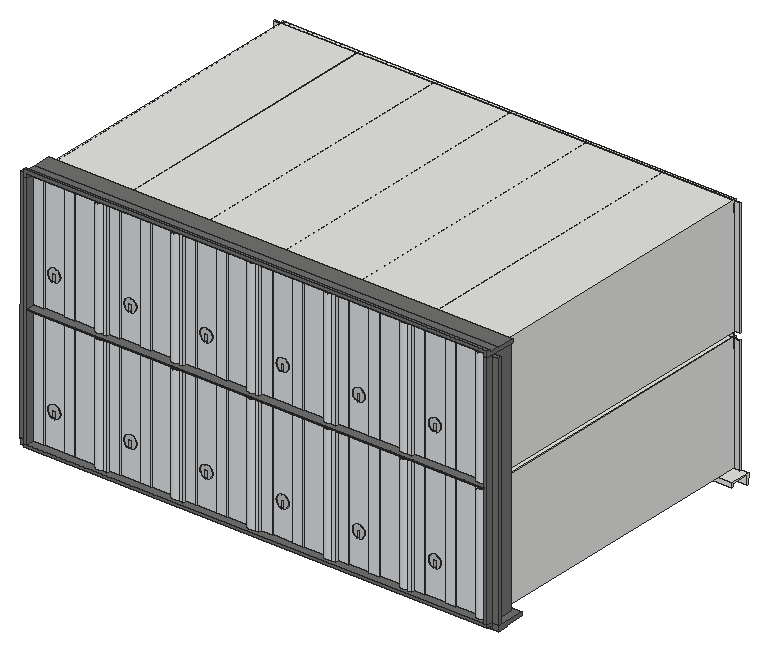
Revit family "2200_Series_Aluminum_Mailboxes_Rack_Ladder_Units", category Specialty Equipment, Revit 2016 (continued)
Nested families (in)
  nested 14: "Rack Ladder None" at (3.628, -7.25025, 0.28125), type <- "Door Location D16", type "No Door"
  nested 15: "Rack Ladder None" at (-7.46675, -7.25025, 6.219), type <- "Door Location D13", type "No Door"
  nested 16: "Rack Ladder None" at (3.628, -7.25025, 6.219), type <- "Door Location D14", type "No Door"
  nested 17: "Rack Ladder None" at (-1.7605, -7.25025, 0.28125), type <- "Door Location D17", type "No Door"
  nested 18: "Rack Ladder Latch Lock" at (5.93775, 7.77746, 0.59116), visible <- "Rear Door", type "Lock Latch"
  nested 19: "Rack Ladder Latch Lock" at (-6.0935, 7.77746, 0.59116), visible <- "Rear Door", type "Lock Latch"
Definition of nested family "Rack Ladder #1 Door"
  Parameters (values of type "#1 Door")
    Width = 3.522"
    Type Comments = "For Aluminum Mailboxes"
    Model = "#1 Door"
    Manufacturer = "Salsbury Industries"
    Lock Offset - Vertical = 1.5625"
    Lock Material = none
    Height = 5.625"
    Front Panel Material = none
    Depth = 0.313"
  Reference planes (in)
    plane 1 "Center (Front/Back)": y = 0
    plane 2 "Bottom of Door": z = 0
    plane 3 "Center (Left/Right)": x = 0
    plane 4 "Left Side of Door": x = -1.761
    plane 5 "Right Side of Door": x = 1.761
    plane 6 "Front of Door": y = -0.1565
    plane 7 "Back of Door": y = 0.1565
    plane 8 "Vertical Center": z = 2.8125
    plane 9 "Top of Door": z = 5.625
    plane 10 "Hinge Line": x = 1.261
    plane 11 "Vertical Lock Center": x = -0.761
    plane 12: z = 1.5625
    plane 13: x = 0.261
    plane 14: x = -0.239
    plane 15: x = -1.239
    plane 16: x = -1.739
    plane 17: x = -2.739
    plane 18: x = -3.208
    plane 19: x = -4.208
    plane 20: x = -4.708
    plane 21: x = -5.708
    plane 22: x = -6.208
    plane 23: x = -7.177
    plane 24: x = -7.677
    plane 25: x = -8.677
    plane 26 "Front of Hinge": y = -0.344
    plane 27 "Door Face Inset Guide": y = -0.12525
    plane 28: z = 4.875
  Forms (in)
    Extrusion 1, solid, material <- "Front Panel Material"
      sketch origin (0, 0, 0) x (1, 0, 0) y (0, 1, 0)
        loop
          line (1.761, 0.1565) -> (-1.761, 0.1565) -> (-1.761, -0.1565) -> (1.261, -0.1565)
          arc (1.261, -0.1565) -> (1.511, -0.34407) -> (1.761, -0.1565) r 0.26039
          line (1.761, -0.1565) -> (1.761, 0.1565)
      from 0 to 5.625
    Extrusion 2, void
      sketch origin (0, -0.344, 0) x (1, 0, 0) y (0, 0, 1)
        loop
          line (0.261, 5.625) -> (0.261, 0) -> (1.261, 0) -> (1.261, 5.625) -> (0.261, 5.625)
        loop
          line (-1.239, 5.625) -> (-1.239, 0) -> (-0.239, 0) -> (-0.239, 5.625) -> (-1.239, 5.625)
        loop
          line (-2.739, 5.625) -> (-2.739, 0) -> (-1.761, 0) -> (-1.761, 5.625) -> (-2.739, 5.625)
        loop
          line (-4.208, 5.625) -> (-4.208, 0) -> (-3.208, 0) -> (-3.208, 5.625) -> (-4.208, 5.625)
        loop
          line (-5.708, 5.625) -> (-5.708, 0) -> (-4.708, 0) -> (-4.708, 5.625) -> (-5.708, 5.625)
        loop
          line (-7.177, 5.625) -> (-7.177, 0) -> (-6.208, 0) -> (-6.208, 5.625) -> (-7.177, 5.625)
        loop
          line (-8.677, 5.625) -> (-8.677, 0) -> (-7.677, 0) -> (-7.677, 5.625) -> (-8.677, 5.625)
      from 0 to -0.21875
    Extrusion 3, void
      sketch origin (0, 0, -1.219) x (1, 0, 0) y (0, 0, 1)
        loop
          circle (-0.761, 2.8125) r 0.3125
      from 0.12525 to -0.1565
    Extrusion 4, solid, material <- "Lock Material"
      sketch origin (0, 0.1565, -1.219) x (1, 0, 0) y (0, 0, 1)
        loop
          circle (-0.761, 2.8125) r 0.3
      from 0 to 0.28175
    Extrusion 5, void
      sketch origin (0, -0.1565, -1.219) x (1, 0, 0) y (0, 0, 1)
        loop
          line (-0.8235, 2.85778) -> (-0.8235, 2.51103) -> (-0.6985, 2.51103) -> (-0.6985, 2.85778) -> (-0.8235, 2.85778)
      from -0.1565 to 0
  Cuts and joins
    Extrusion 2, Extrusion 3 cuts Extrusion 1
    Extrusion 5 cuts Extrusion 4
  Lines and regions (in)
    symbolic lines
      curve 1: line (-1.761, -0.1565, 5.625) -> (1.761, -0.1565, 5.625)
      curve 2: line (-1.761, -0.1565, 0) -> (-1.761, -0.1565, 5.625)
      curve 3: line (1.761, -0.1565, 0) -> (-1.761, -0.1565, 0)
      curve 4: line (1.761, -0.1565, 5.625) -> (1.761, -0.1565, 0)
      curve 5: circle (-0.761, -0.1565, 1.59297) r 0.31256 normal (0, -1, 0)
      curve 6: line (1.261, -0.1565, 5.625) -> (1.261, -0.1565, 0)
  Dimensions and locks (in)
    equal spacing: plane 9 "Top of Door", plane 8 "Vertical Center", plane 2 "Bottom of Door"
    equal spacing: plane 4 "Left Side of Door", plane 3 "Center (Left/Right)", plane 5 "Right Side of Door"
    equal spacing: plane 6 "Front of Door", plane 1 "Center (Front/Back)", plane 7 "Back of Door"
    "Height": plane 9 "Top of Door" to plane 2 "Bottom of Door"
    "Width": plane 4 "Left Side of Door" to plane 5 "Right Side of Door"
    "Depth": plane 6 "Front of Door" to plane 7 "Back of Door"
    plane 10 "Hinge Line" to plane 5 "Right Side of Door" = 0.500"
    "Lock Offset - Vertical": plane 12 to plane 2 "Bottom of Door"
    plane 4 "Left Side of Door" to plane 11 "Vertical Lock Center" = 1.000"
    plane 25 to plane 24 to plane 23 to plane 22 to plane 21 to plane 20 to plane 19 to plane 18 to plane 17 to plane 16 to plane 15 to plane 14 to plane 13 to plane 10 "Hinge Line" = 1.000" locked, 0.500" locked, 0.969" locked, 0.500" locked, 1.000" locked, 0.500" locked, 1.000" locked, 0.469" locked, 1.000" locked, 0.500" locked, 1.000" locked, 0.500" locked, 1.000" locked
    plane 26 "Front of Hinge" to plane 6 "Front of Door" = 0.1875"
    plane 6 "Front of Door" to plane 27 "Door Face Inset Guide" = 0.03125"
    plane 9 "Top of Door" to plane 28 = 0.750"
    aligned and locked: level to plane 2 "Bottom of Door"
    aligned and locked: cut or joined group of Extrusion 1, Extrusion 2, Extrusion 3 to plane 2 "Bottom of Door"
    aligned and locked: cut or joined group of Extrusion 1, Extrusion 2, Extrusion 3 to plane 9 "Top of Door"
    aligned and locked: plane 9 "Top of Door" to Extrusion 2 sketch curve  (x7)
    aligned and locked: plane 2 "Bottom of Door" to curve 3
    aligned and locked: plane 5 "Right Side of Door" to curve 4
    aligned and locked: plane 9 "Top of Door" to curve 1
    aligned and locked: curve 2 to plane 4 "Left Side of Door"
    aligned and locked: plane 9 "Top of Door" to curve 6
    aligned and locked: plane 2 "Bottom of Door" to curve 6
    aligned and locked: plane 10 "Hinge Line" to curve 6
  Automatic sketch dimensions
    Extrusion 1 sketch curve to plane 4 "Left Side of Door" = 0.000"
    plane 6 "Front of Door" to Extrusion 1 sketch curve = 0.000"  (x2)
    Extrusion 1 sketch curve to plane 10 "Hinge Line" = 0.000"
    Extrusion 1 sketch curve to plane 5 "Right Side of Door" = 0.000"
    plane 7 "Back of Door" to Extrusion 1 sketch curve = 0.000"
    Extrusion 1 sketch curve to plane 27 "Door Face Inset Guide" = 0.04158"
    Extrusion 2 sketch curve to level = 0.000"  (x7)
    plane 25 to Extrusion 2 sketch curve = 0.000"
    plane 24 to Extrusion 2 sketch curve = 0.000"
    plane 23 to Extrusion 2 sketch curve = 0.000"
    plane 22 to Extrusion 2 sketch curve = 0.000"
    plane 21 to Extrusion 2 sketch curve = 0.000"
    plane 20 to Extrusion 2 sketch curve = 0.000"
    plane 19 to Extrusion 2 sketch curve = 0.000"
    plane 18 to Extrusion 2 sketch curve = 0.000"
    plane 17 to Extrusion 2 sketch curve = 0.000"
    plane 16 to Extrusion 2 sketch curve = 0.022"
    plane 15 to Extrusion 2 sketch curve = 0.000"
    plane 14 to Extrusion 2 sketch curve = 0.000"
    plane 13 to Extrusion 2 sketch curve = 0.000"
    plane 10 "Hinge Line" to Extrusion 2 sketch curve = 0.000"
    plane 8 "Vertical Center" to Extrusion 3 sketch curve = 1.219"
    plane 11 "Vertical Lock Center" to Extrusion 3 sketch curve = 0.000"
    plane 8 "Vertical Center" to Extrusion 4 sketch curve = 1.219"
    plane 11 "Vertical Lock Center" to Extrusion 4 sketch curve = 0.000"
    plane 11 "Vertical Lock Center" to Extrusion 5 sketch curve = 0.0625"
    Extrusion 5 sketch curve to plane 11 "Vertical Lock Center" = 0.0625"
    plane 8 "Vertical Center" to Extrusion 5 sketch curve = 1.52047"
    plane 8 "Vertical Center" to Extrusion 5 sketch curve = 1.17372"
    plane 11 "Vertical Lock Center" to curve 5 = 0.000"
    curve 5 to plane 12 = 0.03047"
    radius of Extrusion 3 sketch curve = 0.3125"
    radius of Extrusion 4 sketch curve = 0.300"
    radius of curve 5 = 0.31256"
Definition of nested family "Rack Ladder None"
  Parameters (values of type "No Door")
    Width = 3.522"
    Visible = no
    Type Comments = "For Aluminum Mailboxes"
    Model = "#1 Door"
    Manufacturer = "Salsbury Industries"
    Lock Offset - Vertical = 1.5625"
    Lock Material = none
    Height = 5.625"
    Front Panel Material = none
    Door Numbers = no
    Door Number [instance] = "1"
    Depth = 0.313"
  Reference planes (in)
    plane 1 "Center (Front/Back)": y = 0
    plane 2 "Bottom of Door": z = 0
    plane 3 "Center (Left/Right)": x = 0
    plane 4 "Left Side of Door": x = -1.761
    plane 5 "Right Side of Door": x = 1.761
    plane 6 "Front of Door": y = -0.1565
    plane 7 "Back of Door": y = 0.1565
    plane 8 "Vertical Center": z = 2.8125
    plane 9 "Top of Door": z = 5.625
    plane 10 "Hinge Line": x = 1.261
    plane 11 "Vertical Lock Center": x = -0.761
    plane 12: z = 1.5625
    plane 13: x = 0.261
    plane 14: x = -0.239
    plane 15: x = -1.239
    plane 16: x = -1.739
    plane 17: x = -2.739
    plane 18: x = -3.208
    plane 19: x = -4.208
    plane 20: x = -4.708
    plane 21: x = -5.708
    plane 22: x = -6.208
    plane 23: x = -7.177
    plane 24: x = -7.677
    plane 25: x = -8.677
    plane 26 "Front of Hinge": y = -0.344
    plane 27 "Door Face Inset Guide": y = -0.12525
    plane 28: z = 4.875
  Forms (in)
    Extrusion 1, solid, material <- "Front Panel Material", visible <- "Visible"
      sketch origin (0, 0, 0) x (1, 0, 0) y (0, 1, 0)
        loop
          line (1.761, 0.1565) -> (-1.761, 0.1565) -> (-1.761, -0.1565) -> (1.261, -0.1565)
          arc (1.261, -0.1565) -> (1.511, -0.34407) -> (1.761, -0.1565) r 0.26039
          line (1.761, -0.1565) -> (1.761, 0.1565)
      from 0 to 5.625
    Extrusion 2, void
      sketch origin (0, -0.344, 0) x (1, 0, 0) y (0, 0, 1)
        loop
          line (0.261, 5.625) -> (0.261, 0) -> (1.261, 0) -> (1.261, 5.625) -> (0.261, 5.625)
        loop
          line (-1.239, 5.625) -> (-1.239, 0) -> (-0.239, 0) -> (-0.239, 5.625) -> (-1.239, 5.625)
        loop
          line (-2.739, 5.625) -> (-2.739, 0) -> (-1.761, 0) -> (-1.761, 5.625) -> (-2.739, 5.625)
        loop
          line (-4.208, 5.625) -> (-4.208, 0) -> (-3.208, 0) -> (-3.208, 5.625) -> (-4.208, 5.625)
        loop
          line (-5.708, 5.625) -> (-5.708, 0) -> (-4.708, 0) -> (-4.708, 5.625) -> (-5.708, 5.625)
        loop
          line (-7.177, 5.625) -> (-7.177, 0) -> (-6.208, 0) -> (-6.208, 5.625) -> (-7.177, 5.625)
        loop
          line (-8.677, 5.625) -> (-8.677, 0) -> (-7.677, 0) -> (-7.677, 5.625) -> (-8.677, 5.625)
      from 0 to -0.21875
    Extrusion 3, void
      sketch origin (0, 0, -1.219) x (1, 0, 0) y (0, 0, 1)
        loop
          circle (-0.761, 2.8125) r 0.3125
      from 0.12525 to -0.1565
    Extrusion 4, solid, material <- "Lock Material", visible <- "Visible"
      sketch origin (0, 0.1565, -1.219) x (1, 0, 0) y (0, 0, 1)
        loop
          circle (-0.761, 2.8125) r 0.3
      from 0 to 0.28175
    Extrusion 5, void
      sketch origin (0, -0.1565, -1.219) x (1, 0, 0) y (0, 0, 1)
        loop
          line (-0.8235, 2.85778) -> (-0.8235, 2.51103) -> (-0.6985, 2.51103) -> (-0.6985, 2.85778) -> (-0.8235, 2.85778)
      from -0.1565 to 0
  Cuts and joins
    Extrusion 2, Extrusion 3 cuts Extrusion 1
    Extrusion 5 cuts Extrusion 4
  Dimensions and locks (in)
    equal spacing: plane 9 "Top of Door", plane 8 "Vertical Center", plane 2 "Bottom of Door"
    equal spacing: plane 4 "Left Side of Door", plane 3 "Center (Left/Right)", plane 5 "Right Side of Door"
    equal spacing: plane 6 "Front of Door", plane 1 "Center (Front/Back)", plane 7 "Back of Door"
    "Height": plane 9 "Top of Door" to plane 2 "Bottom of Door"
    "Width": plane 4 "Left Side of Door" to plane 5 "Right Side of Door"
    "Depth": plane 6 "Front of Door" to plane 7 "Back of Door"
    plane 10 "Hinge Line" to plane 5 "Right Side of Door" = 0.500"
    "Lock Offset - Vertical": plane 12 to plane 2 "Bottom of Door"
    plane 4 "Left Side of Door" to plane 11 "Vertical Lock Center" = 1.000"
    plane 25 to plane 24 to plane 23 to plane 22 to plane 21 to plane 20 to plane 19 to plane 18 to plane 17 to plane 16 to plane 15 to plane 14 to plane 13 to plane 10 "Hinge Line" = 1.000" locked, 0.500" locked, 0.969" locked, 0.500" locked, 1.000" locked, 0.500" locked, 1.000" locked, 0.469" locked, 1.000" locked, 0.500" locked, 1.000" locked, 0.500" locked, 1.000" locked
    plane 26 "Front of Hinge" to plane 6 "Front of Door" = 0.1875"
    plane 6 "Front of Door" to plane 27 "Door Face Inset Guide" = 0.03125"
    plane 9 "Top of Door" to plane 28 = 0.750"
    aligned and locked: level to plane 2 "Bottom of Door"
    aligned and locked: cut or joined group of Extrusion 1, Extrusion 2, Extrusion 3 to plane 2 "Bottom of Door"
    aligned and locked: cut or joined group of Extrusion 1, Extrusion 2, Extrusion 3 to plane 9 "Top of Door"
    aligned and locked: plane 9 "Top of Door" to Extrusion 2 sketch curve  (x7)
  Automatic sketch dimensions
    Extrusion 1 sketch curve to plane 4 "Left Side of Door" = 0.000"
    plane 6 "Front of Door" to Extrusion 1 sketch curve = 0.000"  (x2)
    Extrusion 1 sketch curve to plane 10 "Hinge Line" = 0.000"
    Extrusion 1 sketch curve to plane 5 "Right Side of Door" = 0.000"
    plane 7 "Back of Door" to Extrusion 1 sketch curve = 0.000"
    Extrusion 1 sketch curve to plane 27 "Door Face Inset Guide" = 0.04158"
    Extrusion 2 sketch curve to level = 0.000"  (x7)
    plane 25 to Extrusion 2 sketch curve = 0.000"
    plane 24 to Extrusion 2 sketch curve = 0.000"
    plane 23 to Extrusion 2 sketch curve = 0.000"
    plane 22 to Extrusion 2 sketch curve = 0.000"
    plane 21 to Extrusion 2 sketch curve = 0.000"
    plane 20 to Extrusion 2 sketch curve = 0.000"
    plane 19 to Extrusion 2 sketch curve = 0.000"
    plane 18 to Extrusion 2 sketch curve = 0.000"
    plane 17 to Extrusion 2 sketch curve = 0.000"
    plane 16 to Extrusion 2 sketch curve = 0.022"
    plane 15 to Extrusion 2 sketch curve = 0.000"
    plane 14 to Extrusion 2 sketch curve = 0.000"
    plane 13 to Extrusion 2 sketch curve = 0.000"
    plane 10 "Hinge Line" to Extrusion 2 sketch curve = 0.000"
    plane 8 "Vertical Center" to Extrusion 3 sketch curve = 1.219"
    plane 11 "Vertical Lock Center" to Extrusion 3 sketch curve = 0.000"
    plane 8 "Vertical Center" to Extrusion 4 sketch curve = 1.219"
    plane 11 "Vertical Lock Center" to Extrusion 4 sketch curve = 0.000"
    plane 11 "Vertical Lock Center" to Extrusion 5 sketch curve = 0.0625"
    Extrusion 5 sketch curve to plane 11 "Vertical Lock Center" = 0.0625"
    plane 8 "Vertical Center" to Extrusion 5 sketch curve = 1.52047"
    plane 8 "Vertical Center" to Extrusion 5 sketch curve = 1.17372"
    radius of Extrusion 3 sketch curve = 0.3125"
    radius of Extrusion 4 sketch curve = 0.300"
Definition of nested family "Rack Ladder Latch Lock"
  Parameters (values of type "Lock Latch")
    Width = 1.866"
    Type Comments = "Lock Latch for Aluminum Mailboxes"
    Rear Door = yes
    Manufacturer = "Salsbury Industries"
    Height = 1.750"
    Depth = 0.244"
    Back Enclosure Material = none
  Reference planes (in)
    plane 1 "Center (Front/Back)": y = 0
    plane 2 "bottom": z = 0
    plane 3 "Center (Left/Right)": x = 0
    plane 4 "right": x = -0.933
    plane 5 "left": x = 0.933
    plane 6 "Front": y = 0.122
    plane 7 "Back": y = -0.122
    plane 8 "Vertical Center": z = 0.875
    plane 9 "top": z = 1.75
    plane 10: z = -0.279
  Forms (in)
    Extrusion 1, solid, material <- "Back Enclosure Material", visible <- "Rear Door"
      sketch origin (0, 0, 0) x (1, 0, 0) y (0, 1, 0)
        loop
          line (-0.2052, -0.0902) -> (-0.933, -0.0902) -> (-0.933, -0.12209) -> (-0.20518, -0.12209)
          arc (-0.20518, -0.12209) -> (-0.12279, -0.08579) -> (-0.09398, -0.00048) r 0.11165
          arc (-0.09398, -0.00048) -> (0.00012, 0.09362) -> (0.09423, -0.00048) r 0.09411
          arc (0.09423, -0.00048) -> (0.12477, -0.08591) -> (0.208, -0.122) r 0.11401
          line (0.208, -0.122) -> (0.933, -0.122) -> (0.933, -0.08954) -> (0.20816, -0.08954)
          arc (0.20816, -0.08954) -> (0.14702, -0.06294) -> (0.1248, -0.00006) r 0.08357
          arc (0.1248, -0.00006) -> (-0.00014, 0.12487) -> (-0.12507, -0.00006) r 0.12494
          arc (-0.12507, -0.00006) -> (-0.1449, -0.06312) -> (-0.2052, -0.0902) r 0.08069
      from 0 to 1.75
    Extrusion 2, void
      sketch origin (0, 0.122, 0) x (1, 0, 0) y (0, 0, 1)
        loop
          line (-0.16686, 1.46934) -> (-0.16686, 0.23804) -> (0.1534, 0.23804) -> (0.1534, 0.43538) -> (0.08495, 0.43538) -> (0.08495, 1.31462) -> (0.1534, 1.31462) -> (0.1534, 1.46934) -> (-0.16686, 1.46934)
      from -0.01091 to 0.1442
    Blend 3, solid, material <- "Back Enclosure Material", visible <- "Rear Door", detail levels fine
      base sketch origin (0, 0.122, 0) x (1, 0, 0) y (0, 0, 1)
        loop
          circle (-0.5582, 1.36599) r 0.1
      top sketch origin (0, 0.122, 0) x (1, 0, 0) y (0, 0, 1)
        loop
          circle (-0.5582, 1.36599) r 0.25
      from 0.16742 to 0.21154
    Blend 4, solid, material <- "Back Enclosure Material", visible <- "Rear Door", detail levels fine
      base sketch origin (1.11828, 0.122, 0) x (1, 0, 0) y (0, 0, 1)
        loop
          circle (-0.5582, 1.36599) r 0.1
      top sketch origin (1.11828, 0.122, 0) x (1, 0, 0) y (0, 0, 1)
        loop
          circle (-0.5582, 1.36599) r 0.25
      from 0.16742 to 0.21154
    Blend 5, solid, material <- "Back Enclosure Material", visible <- "Rear Door", detail levels fine
      base sketch origin (0, 0.122, -1) x (1, 0, 0) y (0, 0, 1)
        loop
          circle (-0.5582, 1.36599) r 0.1
      top sketch origin (0, 0.122, -1) x (1, 0, 0) y (0, 0, 1)
        loop
          circle (-0.5582, 1.36599) r 0.25
      from 0.16742 to 0.21154
    Blend 6, solid, material <- "Back Enclosure Material", visible <- "Rear Door", detail levels fine
      base sketch origin (1.11828, 0.122, -1) x (1, 0, 0) y (0, 0, 1)
        loop
          circle (-0.5582, 1.36599) r 0.1
      top sketch origin (1.11828, 0.122, -1) x (1, 0, 0) y (0, 0, 1)
        loop
          circle (-0.5582, 1.36599) r 0.25
      from 0.16742 to 0.21154
    Extrusion 7, solid, material <- "Back Enclosure Material", visible <- "Rear Door"
      sketch origin (0.00096, -7.77812, -0.40625) x (1, 0, 0) y (0, 1, 0)
        loop
          circle (-0.00048, 7.77784) r 0.09014
      from 0 to 2
    Extrusion 8, solid, material <- "Back Enclosure Material", visible <- "Rear Door"
      sketch origin (0, -7.78798, 0) x (0, 1, 0) y (0, 0, 1)
        loop
          circle (7.81979, 0.30837) r 0.05
      from 0 to 0.5
    Extrusion 9, solid, material <- "Back Enclosure Material", visible <- "Rear Door"
      sketch origin (0.00176, -0.02845, -0.59125) x (1, 0, 0) y (0, 0, 1)
        loop
          line (1.0609, 0.28125) -> (1.0609, 0.31225) -> (-1.06287, 0.31225) -> (-1.06287, 0.28125) -> (1.0609, 0.28125)
      from -0.25 to 0.625
    Extrusion 10, void
      sketch origin (0.00176, -7.77845, -0.31) x (0, -1, 0) y (1, 0, 0)
        loop
          circle (-7.77776, -0.00113) r 0.09325
      from 0 to 0.031
  Cuts and joins
    Extrusion 2 cuts Extrusion 1
    Extrusion 10 cuts Extrusion 9
  Lines and regions (in)
    symbolic lines
      curve 1: line (0.933, 0.122, 1.75) -> (-0.933, 0.122, 1.75)
      curve 2: line (0.933, 0.122, 0) -> (0.933, 0.122, 1.75)
      curve 3: line (-0.933, 0.122, 0) -> (0.933, 0.122, 0)
      curve 4: line (-0.933, 0.122, 1.75) -> (-0.933, 0.122, 0)
      curve 5: line (0.933, 0.122, -0.279) -> (-0.933, 0.122, -0.279)
      curve 6: line (0.08495, 0.122, 1.75) -> (-0.09416, 0.122, 1.75)
      curve 7: line (0.08495, 0.122, -0.40625) -> (0.08495, 0.122, 1.75)
      curve 8: line (-0.09416, 0.122, -0.40625) -> (0.08495, 0.122, -0.40625)
      curve 9: line (-0.09416, 0.122, 1.75) -> (-0.09416, 0.122, -0.40625)
      curve 10: line (0, -0.122, -0.279) -> (0, 0.122, -0.279)
      curve 11: line (0, -0.122, 1.75) -> (0, 0.122, 1.75)
      curve 12: line (0, -0.122, -0.40625) -> (0, -0.122, 1.75)
      curve 13: line (0, 0.122, -0.40625) -> (0, -0.122, -0.40625)
      curve 14: line (0, 0.122, 1.75) -> (0, 0.122, -0.40625)
      curve 15: line (-0.933, -0.122, 0) -> (-0.933, -0.0902, 0)
      curve 16: line (-0.933, -0.0902, 0) -> (0.933, -0.0902, 0)
      curve 17: line (0.933, -0.0902, 0) -> (0.933, -0.122, 0)
  Dimensions and locks (in)
    equal spacing: plane 7 "Back", plane 1 "Center (Front/Back)", plane 6 "Front"
    "Depth": plane 7 "Back" to plane 6 "Front"
    equal spacing: plane 4 "right", plane 3 "Center (Left/Right)", plane 5 "left"
    "Width": plane 4 "right" to plane 5 "left"
    equal spacing: plane 9 "top", plane 8 "Vertical Center", plane 2 "bottom"
    "Height": plane 9 "top" to plane 2 "bottom"
    plane 10 to level = 0.279"
    aligned and locked: level to plane 2 "bottom"
    aligned and locked: curve 4 to plane 4 "right"
    aligned and locked: plane 9 "top" to curve 1
    aligned and locked: plane 5 "left" to curve 2
    aligned and locked: plane 2 "bottom" to curve 3
    aligned and locked: plane 5 "left" to curve 5
    aligned and locked: plane 4 "right" to curve 5
    aligned and locked: plane 10 to curve 5
    aligned and locked: plane 9 "top" to curve 6
    aligned and locked: plane 7 "Back" to curve 10
    aligned and locked: plane 6 "Front" to curve 10
    aligned and locked: curve 12 to plane 7 "Back"
    aligned and locked: plane 6 "Front" to curve 14
    aligned and locked: plane 9 "top" to curve 11
    aligned and locked: cut or joined group of Extrusion 1, Extrusion 2 to plane 5 "left"
    aligned and locked: plane 4 "right" to cut or joined group of Extrusion 1, Extrusion 2
  Automatic sketch dimensions
    Extrusion 1 sketch curve to plane 4 "right" = 0.000"
    plane 7 "Back" to Extrusion 1 sketch curve = 0.000"
    Extrusion 1 sketch curve to plane 5 "left" = 0.000"
    plane 1 "Center (Front/Back)" to Extrusion 1 sketch curve = 0.00951"
    Extrusion 1 sketch curve to plane 3 "Center (Left/Right)" = 0.2052"
    plane 7 "Back" to Extrusion 1 sketch curve = 0.00009"
    Extrusion 1 sketch curve to Extrusion 1 sketch curve = 0.00002"
    Extrusion 1 sketch curve to plane 3 "Center (Left/Right)" = 0.00014"
    plane 3 "Center (Left/Right)" to Extrusion 1 sketch curve = 0.00012"
    plane 3 "Center (Left/Right)" to Extrusion 1 sketch curve = 0.208"
    Extrusion 1 sketch curve to Extrusion 1 sketch curve = 0.00016"
    Extrusion 1 sketch curve to plane 7 "Back" = 0.0318"
    Extrusion 1 sketch curve to plane 7 "Back" = 0.03246"
    Extrusion 1 sketch curve to Extrusion 1 sketch curve = 0.00094"
    plane 1 "Center (Front/Back)" to Extrusion 1 sketch curve = 0.00799"
    Extrusion 1 sketch curve to Extrusion 1 sketch curve = 0.00201"
    Extrusion 2 sketch curve to plane 3 "Center (Left/Right)" = 0.16686"
    plane 3 "Center (Left/Right)" to Extrusion 2 sketch curve = 0.08495"
    Extrusion 2 sketch curve to Extrusion 2 sketch curve = 0.06845"  (x2)
    level to Extrusion 2 sketch curve = 0.23804"
    Extrusion 2 sketch curve to Extrusion 2 sketch curve = 0.19734"
    plane 9 "top" to Extrusion 2 sketch curve = 0.43538"
    plane 9 "top" to Extrusion 2 sketch curve = 0.28066"
    Blend 3 sketch curve to plane 4 "right" = 0.3748"  (x2)
    plane 9 "top" to Blend 3 sketch curve = 0.38401"  (x2)
    plane 5 "left" to Blend 4 sketch curve = 0.37292"  (x2)
    plane 9 "top" to Blend 4 sketch curve = 0.38401"  (x2)
    Blend 5 sketch curve to plane 4 "right" = 0.3748"  (x2)
    level to Blend 5 sketch curve = 0.36599"  (x2)
    plane 5 "left" to Blend 6 sketch curve = 0.37292"  (x2)
    level to Blend 6 sketch curve = 0.36599"  (x2)
    plane 3 "Center (Left/Right)" to Extrusion 7 sketch curve = 0.00048"
    plane 1 "Center (Front/Back)" to Extrusion 7 sketch curve = 0.00028"
    level to Extrusion 8 sketch curve = 0.30837"
    plane 6 "Front" to Extrusion 8 sketch curve = 0.09019"
    plane 4 "right" to Extrusion 9 sketch curve = 0.1281"
    Extrusion 9 sketch curve to plane 5 "left" = 0.12966"
    Extrusion 9 sketch curve to level = 0.310"
    Extrusion 9 sketch curve to Extrusion 9 sketch curve = 0.031"
    plane 1 "Center (Front/Back)" to Extrusion 10 sketch curve = 0.0007"
    plane 3 "Center (Left/Right)" to Extrusion 10 sketch curve = 0.00063"
    curve 6 to plane 3 "Center (Left/Right)" = 0.09416"
    plane 3 "Center (Left/Right)" to curve 6 = 0.08495"
    plane 10 to curve 9 = 0.12725"
    plane 10 to curve 10 = 0.000"
    plane 10 to curve 14 = 0.12725"
    curve 15 to plane 4 "right" = 0.000"
    curve 17 to plane 5 "left" = 0.000"
    curve 16 to plane 7 "Back" = 0.0318"
    plane 7 "Back" to curve 17 = 0.000"
    plane 7 "Back" to curve 15 = 0.000"
    radius of Blend 3 sketch curve = 0.100"
    radius of Blend 3 sketch curve = 0.250"
    radius of Blend 4 sketch curve = 0.100"
    radius of Blend 4 sketch curve = 0.250"
    radius of Blend 5 sketch curve = 0.100"
    radius of Blend 5 sketch curve = 0.250"
    radius of Blend 6 sketch curve = 0.100"
    radius of Blend 6 sketch curve = 0.250"
    radius of Extrusion 7 sketch curve = 0.09014"
    radius of Extrusion 8 sketch curve = 0.050"
    radius of Extrusion 10 sketch curve = 0.09325"
Types (10): name | Void 2 Offset | Void 1 Offset | Visible | Type Comments | Rear Overhang | Rear Door | Model | Horizontal Dividers | Door Slot #9 Number | Door Slot #8 Number | Door Slot #7 Number | Door Slot #6 Number | Door Slot #5 Number | Door Slot #4 Number | Door Slot #3 Number | Door Slot #2 Number | Door Slot #17 Number | Door Slot #16 Number | Door Slot #15 Number | Door Slot #14 Number | Door Slot #13 Number | Door Slot #12 Number | Door Slot #11 Number | Door Slot #10 Number | Door Slot #1 Number | Door Numbers | Door Location D9 | Door Location D8 | Door Location D7 | Door Location D6 | Door Location D5 | Door Location D4 | Door Location D3 | Door Location D2 | Door Location D17 | Door Location D16 | Door Location D15 | Door Location D13 | Door Location D12 | Door Location D11 | Door Location D10 | Door Location D1 | Door Location D14 | Door Divider Offset | Dividers 6, 7 | Dividers 1, 2, 4, 5 | Divider 3 Parcel | Divider 3 | Description | Back Panel
  2212 | 0.000" | 0.000" | yes | "Aluminum Mailbox" | yes | no | "2212" | yes | "9" | "8" | "7" | "6" | "5" | "4" | "3" | "2" | "0" | "0" | "0" | "0" | "0" | "1\r\n2" | "1\r\n1" | "1\r\n0" | "1" | yes | Rack Ladder #1 Door : #1 Door | Rack Ladder #1 Door : #1 Door | Rack Ladder #1 Door : #1 Door | Rack Ladder #1 Door : #1 Door | Rack Ladder #1 Door : #1 Door | Rack Ladder #1 Door : #1 Door | Rack Ladder #1 Door : #1 Door | Rack Ladder #1 Door : #1 Door | Rack Ladder None : No Door | Rack Ladder None : No Door | Rack Ladder None : No Door | Rack Ladder None : No Door | Rack Ladder #1 Door : #1 Door | Rack Ladder #1 Door : #1 Door | Rack Ladder #1 Door : #1 Door | Rack Ladder #1 Door : #1 Door | Rack Ladder None : No Door | 0.000" | no | yes | no | yes | "Rack Ladder System - 12 #1 Doors" | no
  2208 | 0.000" | 0.000" | yes | "Aluminum Mailbox" | yes | no | "2208" | yes | "6" | "0" | "0" | "4" | "0" | "0" | "2" | "0" | "0" | "7" | "5" | "3" | "1" | "8" | "0" | "0" | "0" | yes | Rack Ladder #2 Door : #2 Door | Rack Ladder None : No Door | Rack Ladder None : No Door | Rack Ladder #2 Door : #2 Door | Rack Ladder None : No Door | Rack Ladder None : No Door | Rack Ladder #2 Door : #2 Door | Rack Ladder None : No Door | Rack Ladder None : No Door | Rack Ladder #2 Door : #2 Door | Rack Ladder #2 Door : #2 Door | Rack Ladder #2 Door : #2 Door | Rack Ladder #2 Door : #2 Door | Rack Ladder None : No Door | Rack Ladder None : No Door | Rack Ladder None : No Door | Rack Ladder #2 Door : #2 Door | 0.000" | yes | no | no | yes | "Rack Ladder System - 8 #2 Doors" | no
  2204 | 0.000" | 0.000" | yes | "Aluminum Mailbox" | yes | no | "2204" | yes | "3" | "0" | "0" | "2" | "0" | "0" | "1" | "0" | "0" | "0" | "0" | "0" | "0" | "4" | "0" | "0" | "0" | yes | Rack Ladder #3 Door : #3 Door | Rack Ladder None : No Door | Rack Ladder None : No Door | Rack Ladder #3 Door : #3 Door | Rack Ladder None : No Door | Rack Ladder None : No Door | Rack Ladder #3 Door : #3 Door | Rack Ladder None : No Door | Rack Ladder None : No Door | Rack Ladder None : No Door | Rack Ladder None : No Door | Rack Ladder None : No Door | Rack Ladder #3 Door : #3 Door | Rack Ladder None : No Door | Rack Ladder None : No Door | Rack Ladder None : No Door | Rack Ladder None : No Door | 0.000" | no | no | no | yes | "Rack Ladder System - 4 #3 Doors" | no
  2202 | 0.040" | 6.200" | yes | "Aluminum Mailbox" | yes | no | "2202" | no | "1" | "0" | "0" | "0" | "0" | "0" | "0" | "0" | "0" | "0" | "0" | "0" | "0" | "2" | "0" | "0" | "0" | yes | Rack Ladder #4 Door : #4 Door | Rack Ladder None : No Door | Rack Ladder None : No Door | Rack Ladder None : No Door | Rack Ladder None : No Door | Rack Ladder None : No Door | Rack Ladder None : No Door | Rack Ladder None : No Door | Rack Ladder None : No Door | Rack Ladder None : No Door | Rack Ladder None : No Door | Rack Ladder None : No Door | Rack Ladder #4 Door : #4 Door | Rack Ladder None : No Door | Rack Ladder None : No Door | Rack Ladder None : No Door | Rack Ladder None : No Door | 0.000" | no | no | no | yes | "Rack Ladder System - 2 #4 Doors" | no
  2201 | 0.040" | 6.200" | yes | "Aluminum Mailbox" | yes | no | "2201" | no | "0" | "0" | "0" | "0" | "0" | "0" | "0" | "0" | "1" | "0" | "0" | "0" | "0" | "0" | "0" | "0" | "0" | yes | Rack Ladder None : No Door | Rack Ladder None : No Door | Rack Ladder None : No Door | Rack Ladder None : No Door | Rack Ladder None : No Door | Rack Ladder None : No Door | Rack Ladder None : No Door | Rack Ladder None : No Door | Rack Ladder #4 Door-Left Blank Door : #4 Door Left Blank Door | Rack Ladder None : No Door | Rack Ladder None : No Door | Rack Ladder None : No Door | Rack Ladder #4 Door-Right Keyed Door : #4 Right Keyed Door | Rack Ladder None : No Door | Rack Ladder None : No Door | Rack Ladder None : No Door | Rack Ladder None : No Door | 22.031" | no | no | no | no | "Rack Ladder System - 1 Door" | no
  2280 | 0.040" | 6.200" | yes | "Aluminum Drop Box" | yes | no | "2280" | no | "0" | "0" | "0" | "0" | "0" | "0" | "0" | "0" | "M\r\nA\r\nI\r\nL" | "0" | "0" | "0" | "0" | "0" | "0" | "0" | "0" | yes | Rack Ladder None : No Door | Rack Ladder None : No Door | Rack Ladder None : No Door | Rack Ladder None : No Door | Rack Ladder None : No Door | Rack Ladder None : No Door | Rack Ladder None : No Door | Rack Ladder None : No Door | Rack Ladder #4 Door-Left Mail Door-Full : #4 Door Left Mail Door-Full Slot | Rack Ladder None : No Door | Rack Ladder None : No Door | Rack Ladder None : No Door | Rack Ladder #4 Door-Right Mail Door-Full : #4 Door Right Mail Door - Full Slot | Rack Ladder None : No Door | Rack Ladder None : No Door | Rack Ladder None : No Door | Rack Ladder None : No Door | 22.031" | no | no | no | no | "Rack Ladder System - 1 Compartment" | yes
  2282 | 0.040" | 6.200" | yes | "Aluminum Drop Boxes" | yes | no | "2282" | no | "M\r\nA\r\nI\r\nL" | "0" | "0" | "0" | "0" | "0" | "0" | "0" | "0" | "0" | "0" | "0" | "0" | "M\r\nA\r\nI\r\nL" | "0" | "0" | "0" | yes | Rack Ladder #4 Door-Mail Door-Center : #4 Door Right Mail Door-Centered Slot | Rack Ladder None : No Door | Rack Ladder None : No Door | Rack Ladder None : No Door | Rack Ladder None : No Door | Rack Ladder None : No Door | Rack Ladder None : No Door | Rack Ladder None : No Door | Rack Ladder None : No Door | Rack Ladder None : No Door | Rack Ladder None : No Door | Rack Ladder None : No Door | Rack Ladder #4 Door-Mail Door-Center : #4 Door Right Mail Door-Centered Slot | Rack Ladder None : No Door | Rack Ladder None : No Door | Rack Ladder None : No Door | Rack Ladder None : No Door | 0.000" | no | no | no | yes | "Rack Ladder System - 2 Compartments" | yes
  None | 0.000" | 0.000" | no | "Aluminum Mailbox" | no | no | "2212" | no | "9" | "8" | "7" | "6" | "5" | "4" | "3" | "2" | "0" | "0" | "0" | "0" | "0" | "1\r\n2" | "1\r\n1" | "1\r\n0" | "1" | no | Rack Ladder #1 Door : #1 Door | Rack Ladder #1 Door : #1 Door | Rack Ladder #1 Door : #1 Door | Rack Ladder #1 Door : #1 Door | Rack Ladder #1 Door : #1 Door | Rack Ladder #1 Door : #1 Door | Rack Ladder #1 Door : #1 Door | Rack Ladder #1 Door : #1 Door | Rack Ladder None : No Door | Rack Ladder None : No Door | Rack Ladder None : No Door | Rack Ladder None : No Door | Rack Ladder #1 Door : #1 Door | Rack Ladder #1 Door : #1 Door | Rack Ladder #1 Door : #1 Door | Rack Ladder #1 Door : #1 Door | Rack Ladder None : No Door | 0.000" | no | no | no | no | "Rack Ladder System - 12 #1 Doors" | no
  2270P | 0.040" | 6.200" | yes | "Aluminum Parcel Locker" | no | yes | "2270P" | no | "1" | "0" | "0" | "0" | "0" | "0" | "0" | "0" | "0" | "0" | "0" | "0" | "0" | "2" | "0" | "0" | "0" | yes | Rack Ladder None : No Door | Rack Ladder None : No Door | Rack Ladder None : No Door | Rack Ladder None : No Door | Rack Ladder None : No Door | Rack Ladder None : No Door | Rack Ladder None : No Door | Rack Ladder None : No Door | Rack Ladder None : No Door | Rack Ladder None : No Door | Rack Ladder None : No Door | Rack Ladder None : No Door | Rack Ladder #4 Door-Right Parcel Doors : Full Parcel Door | Rack Ladder None : No Door | Rack Ladder None : No Door | Rack Ladder None : No Door | Rack Ladder None : No Door | 0.000" | no | no | no | no | "Rack Ladder System - 1 Door" | no
  2272P | 0.040" | 6.200" | yes | "Aluminum Parcel Lockers" | no | yes | "2272P" | no | "1" | "0" | "0" | "0" | "0" | "0" | "0" | "0" | "0" | "0" | "0" | "0" | "0" | "2" | "0" | "0" | "0" | yes | Rack Ladder #4 Door-Right Parcel Doors : #4 Door-Right Parcel Door 1P | Rack Ladder None : No Door | Rack Ladder None : No Door | Rack Ladder None : No Door | Rack Ladder None : No Door | Rack Ladder None : No Door | Rack Ladder None : No Door | Rack Ladder None : No Door | Rack Ladder None : No Door | Rack Ladder None : No Door | Rack Ladder None : No Door | Rack Ladder None : No Door | Rack Ladder #4 Door-Right Parcel Doors : #4 Door-Right Parcel Door 2P | Rack Ladder None : No Door | Rack Ladder None : No Door | Rack Ladder None : No Door | Rack Ladder None : No Door | 0.000" | no | no | yes | no | "Rack Ladder System - 2 Doors" | no
